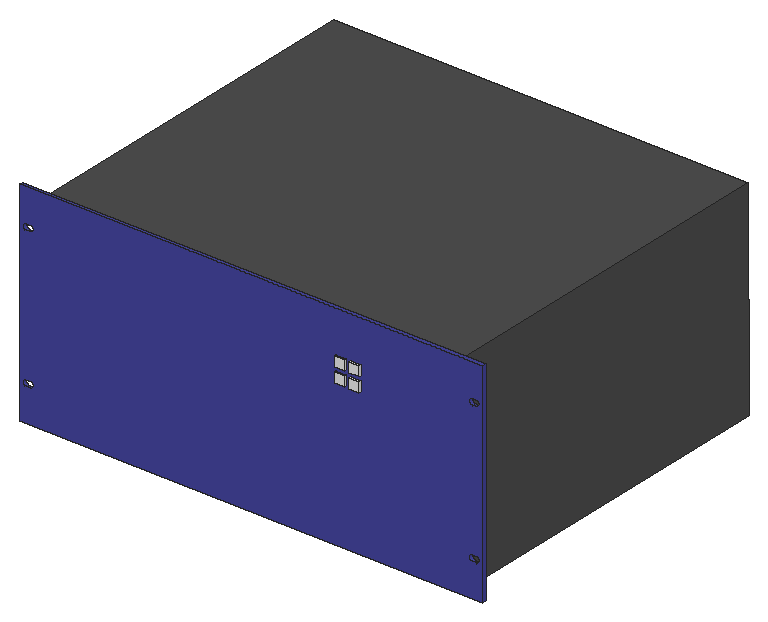
Revit family "DL231", category Communication Devices, Revit 2020
Family settings
  Maintain Annotation Orientation = No
  Round Connector Dimension = Use Diameter
  Part Type = Normal
  Work Plane-Based = Yes
  Always vertical = No
  Cut with Voids When Loaded = Yes
  Shared = No
  Room Calculation Point = No
Parameters
  Model = "DL231"
  Manufacturer = "Midas"
  Default Elevation = 0 mm
Reference planes
  plane 1 "Center (Front/Back)": y = 0
  plane 2: z = 0
  plane 3 "Center (Left/Right)": x = 0
  plane 4 "Front Panel": y = -3
  plane 5 "Rear panel": y = 374
Forms (mm)
  Extrusion 1, solid, material "Steel, Paint Finish, Blue"
    sketch origin (0, 0, 0) x (1, 0, 0) y (0, 0, 1)
      loop
        line (-241.5, 0) -> (241.498, 0) -> (241.498, 221.495) -> (-241.5, 221.495) -> (-241.5, 0)
    from 0 to 3
  Extrusion 2, void
    sketch origin (0, 0, 0) x (1, 0, 0) y (0, 0, 1)
      loop
        arc (-234.343, 187.274) -> (-237.842, 183.775) -> (-234.343, 180.276) r 3.499
        line (-234.343, 180.276) -> (-231.035, 180.276)
        arc (-231.035, 180.276) -> (-227.536, 183.775) -> (-231.035, 187.274) r 3.499
        line (-231.035, 187.274) -> (-234.343, 187.274)
    from 0 to 3
  Extrusion 3, void
    sketch origin (0, 0, -146.047) x (1, 0, 0) y (0, 0, 1)
      loop
        arc (-234.343, 187.274) -> (-237.842, 183.775) -> (-234.343, 180.276) r 3.499
        line (-234.343, 180.276) -> (-231.035, 180.276)
        arc (-231.035, 180.276) -> (-227.536, 183.775) -> (-231.035, 187.274) r 3.499
        line (-231.035, 187.274) -> (-234.343, 187.274)
    from 0 to 3
  Extrusion 4, void
    sketch origin (465.381, 0, -146.047) x (1, 0, 0) y (0, 0, 1)
      loop
        arc (-234.343, 187.274) -> (-237.842, 183.775) -> (-234.343, 180.276) r 3.499
        line (-234.343, 180.276) -> (-231.035, 180.276)
        arc (-231.035, 180.276) -> (-227.536, 183.775) -> (-231.035, 187.274) r 3.499
        line (-231.035, 187.274) -> (-234.343, 187.274)
    from 0 to 3
  Extrusion 5, void
    sketch origin (465.381, 0, 0) x (1, 0, 0) y (0, 0, 1)
      loop
        arc (-234.343, 187.274) -> (-237.842, 183.775) -> (-234.343, 180.276) r 3.499
        line (-234.343, 180.276) -> (-231.035, 180.276)
        arc (-231.035, 180.276) -> (-227.536, 183.775) -> (-231.035, 187.274) r 3.499
        line (-231.035, 187.274) -> (-234.343, 187.274)
    from 0 to 3
  Extrusion 6, solid, material "Steel, Paint Finish, Black"
    sketch origin (1.5, 0, 0) x (1, 0, 0) y (0, 0, 1)
      loop
        line (-218, 0) -> (215, 0) -> (215, 217.995) -> (-218, 217.995) -> (-218, 0)
    from 0 to -374
  Extrusion 7, void
    sketch origin (-2.594, 374, 0) x (1, 0, 0) y (0, 0, 1)
      loop
        circle (108.554, 21.312) r 11.2
    from 0 to 16
  Extrusion 8, void
    sketch origin (-38.38, 374, 0) x (1, 0, 0) y (0, 0, 1)
      loop
        circle (108.554, 21.312) r 11.2
    from 0 to 16
  Extrusion 9, void
    sketch origin (-72.992, 374, 0) x (1, 0, 0) y (0, 0, 1)
      loop
        circle (108.554, 21.312) r 11.2
    from 0 to 16
  Extrusion 10, void
    sketch origin (-128.979, 374, 0) x (1, 0, 0) y (0, 0, 1)
      loop
        circle (108.554, 21.312) r 11.2
    from 0 to 16
  Extrusion 11, void
    sketch origin (-179.979, 374, 0) x (1, 0, 0) y (0, 0, 1)
      loop
        circle (108.554, 21.312) r 11.2
    from 0 to 16
  Extrusion 12, void
    sketch origin (-230.979, 374, 0) x (1, 0, 0) y (0, 0, 1)
      loop
        circle (108.554, 21.312) r 11.2
    from 0 to 16
  Extrusion 13, void
    sketch origin (-2.594, 374, 25.847) x (1, 0, 0) y (0, 0, 1)
      loop
        circle (108.554, 21.312) r 11.2
    from 0 to 16
  Extrusion 14, void
    sketch origin (-38.38, 374, 25.847) x (1, 0, 0) y (0, 0, 1)
      loop
        circle (108.554, 21.312) r 11.2
    from 0 to 16
  Extrusion 15, void
    sketch origin (-72.992, 374, 25.847) x (1, 0, 0) y (0, 0, 1)
      loop
        circle (108.554, 21.312) r 11.2
    from 0 to 16
  Extrusion 16, void
    sketch origin (-128.979, 374, 25.847) x (1, 0, 0) y (0, 0, 1)
      loop
        circle (108.554, 21.312) r 11.2
    from 0 to 16
  Extrusion 17, void
    sketch origin (-179.979, 374, 25.847) x (1, 0, 0) y (0, 0, 1)
      loop
        circle (108.554, 21.312) r 11.2
    from 0 to 16
  Extrusion 18, void
    sketch origin (-230.979, 374, 25.847) x (1, 0, 0) y (0, 0, 1)
      loop
        circle (108.554, 21.312) r 11.2
    from 0 to 16
  Extrusion 19, void
    sketch origin (-2.594, 374, 51.694) x (1, 0, 0) y (0, 0, 1)
      loop
        circle (108.554, 21.312) r 11.2
    from 0 to 16
  Extrusion 20, void
    sketch origin (-38.38, 374, 51.694) x (1, 0, 0) y (0, 0, 1)
      loop
        circle (108.554, 21.312) r 11.2
    from 0 to 16
  Extrusion 21, void
    sketch origin (-72.992, 374, 51.694) x (1, 0, 0) y (0, 0, 1)
      loop
        circle (108.554, 21.312) r 11.2
    from 0 to 16
  Extrusion 22, void
    sketch origin (-128.979, 374, 51.694) x (1, 0, 0) y (0, 0, 1)
      loop
        circle (108.554, 21.312) r 11.2
    from 0 to 16
  Extrusion 23, void
    sketch origin (-179.979, 374, 51.694) x (1, 0, 0) y (0, 0, 1)
      loop
        circle (108.554, 21.312) r 11.2
    from 0 to 16
  Extrusion 24, void
    sketch origin (-230.979, 374, 51.694) x (1, 0, 0) y (0, 0, 1)
      loop
        circle (108.554, 21.312) r 11.2
    from 0 to 16
  Extrusion 25, void
    sketch origin (-2.594, 374, 77.542) x (1, 0, 0) y (0, 0, 1)
      loop
        circle (108.554, 21.312) r 11.2
    from 0 to 16
  Extrusion 26, void
    sketch origin (-38.38, 374, 77.542) x (1, 0, 0) y (0, 0, 1)
      loop
        circle (108.554, 21.312) r 11.2
    from 0 to 16
  Extrusion 27, void
    sketch origin (-72.992, 374, 77.542) x (1, 0, 0) y (0, 0, 1)
      loop
        circle (108.554, 21.312) r 11.2
    from 0 to 16
  Extrusion 28, void
    sketch origin (-128.979, 374, 77.542) x (1, 0, 0) y (0, 0, 1)
      loop
        circle (108.554, 21.312) r 11.2
    from 0 to 16
  Extrusion 29, void
    sketch origin (-179.979, 374, 77.542) x (1, 0, 0) y (0, 0, 1)
      loop
        circle (108.554, 21.312) r 11.2
    from 0 to 16
  Extrusion 30, void
    sketch origin (-230.979, 374, 77.542) x (1, 0, 0) y (0, 0, 1)
      loop
        circle (108.554, 21.312) r 11.2
    from 0 to 16
  Extrusion 31, void
    sketch origin (-2.594, 374, 103.389) x (1, 0, 0) y (0, 0, 1)
      loop
        circle (108.554, 21.312) r 11.2
    from 0 to 16
  Extrusion 32, void
    sketch origin (-38.38, 374, 103.389) x (1, 0, 0) y (0, 0, 1)
      loop
        circle (108.554, 21.312) r 11.2
    from 0 to 16
  Extrusion 33, void
    sketch origin (-72.992, 374, 103.389) x (1, 0, 0) y (0, 0, 1)
      loop
        circle (108.554, 21.312) r 11.2
    from 0 to 16
  Extrusion 34, void
    sketch origin (-128.979, 374, 103.389) x (1, 0, 0) y (0, 0, 1)
      loop
        circle (108.554, 21.312) r 11.2
    from 0 to 16
  Extrusion 35, void
    sketch origin (-179.979, 374, 103.389) x (1, 0, 0) y (0, 0, 1)
      loop
        circle (108.554, 21.312) r 11.2
    from 0 to 16
  Extrusion 36, void
    sketch origin (-230.979, 374, 103.389) x (1, 0, 0) y (0, 0, 1)
      loop
        circle (108.554, 21.312) r 11.2
    from 0 to 16
  Extrusion 37, void
    sketch origin (-2.594, 374, 129.236) x (1, 0, 0) y (0, 0, 1)
      loop
        circle (108.554, 21.312) r 11.2
    from 0 to 16
  Extrusion 38, void
    sketch origin (-38.38, 374, 129.236) x (1, 0, 0) y (0, 0, 1)
      loop
        circle (108.554, 21.312) r 11.2
    from 0 to 16
  Extrusion 39, void
    sketch origin (-72.992, 374, 129.236) x (1, 0, 0) y (0, 0, 1)
      loop
        circle (108.554, 21.312) r 11.2
    from 0 to 16
  Extrusion 40, void
    sketch origin (-128.979, 374, 129.236) x (1, 0, 0) y (0, 0, 1)
      loop
        circle (108.554, 21.312) r 11.2
    from 0 to 16
  Extrusion 41, void
    sketch origin (-179.979, 374, 129.236) x (1, 0, 0) y (0, 0, 1)
      loop
        circle (108.554, 21.312) r 11.2
    from 0 to 16
  Extrusion 42, void
    sketch origin (-230.979, 374, 129.236) x (1, 0, 0) y (0, 0, 1)
      loop
        circle (108.554, 21.312) r 11.2
    from 0 to 16
  Extrusion 43, void
    sketch origin (-2.594, 374, 155.083) x (1, 0, 0) y (0, 0, 1)
      loop
        circle (108.554, 21.312) r 11.2
    from 0 to 16
  Extrusion 44, void
    sketch origin (-38.38, 374, 155.083) x (1, 0, 0) y (0, 0, 1)
      loop
        circle (108.554, 21.312) r 11.2
    from 0 to 16
  Extrusion 45, void
    sketch origin (-72.992, 374, 155.083) x (1, 0, 0) y (0, 0, 1)
      loop
        circle (108.554, 21.312) r 11.2
    from 0 to 16
  Extrusion 46, void
    sketch origin (-128.979, 374, 155.083) x (1, 0, 0) y (0, 0, 1)
      loop
        circle (108.554, 21.312) r 11.2
    from 0 to 16
  Extrusion 47, void
    sketch origin (-179.979, 374, 155.083) x (1, 0, 0) y (0, 0, 1)
      loop
        circle (108.554, 21.312) r 11.2
    from 0 to 16
  Extrusion 48, void
    sketch origin (-230.979, 374, 155.083) x (1, 0, 0) y (0, 0, 1)
      loop
        circle (108.554, 21.312) r 11.2
    from 0 to 16
  Extrusion 49, void
    sketch origin (-2.594, 374, 180.93) x (1, 0, 0) y (0, 0, 1)
      loop
        circle (108.554, 21.312) r 11.2
    from 0 to 16
  Extrusion 50, void
    sketch origin (-38.38, 374, 180.93) x (1, 0, 0) y (0, 0, 1)
      loop
        circle (108.554, 21.312) r 11.2
    from 0 to 16
  Extrusion 51, void
    sketch origin (-72.992, 374, 180.93) x (1, 0, 0) y (0, 0, 1)
      loop
        circle (108.554, 21.312) r 11.2
    from 0 to 16
  Extrusion 52, void
    sketch origin (-128.979, 374, 180.93) x (1, 0, 0) y (0, 0, 1)
      loop
        circle (108.554, 21.312) r 11.2
    from 0 to 16
  Extrusion 53, void
    sketch origin (-179.979, 374, 180.93) x (1, 0, 0) y (0, 0, 1)
      loop
        circle (108.554, 21.312) r 11.2
    from 0 to 16
  Extrusion 54, void
    sketch origin (-230.979, 374, 180.93) x (1, 0, 0) y (0, 0, 1)
      loop
        circle (108.554, 21.312) r 11.2
    from 0 to 16
  Extrusion 55, void
    sketch origin (-302.712, 374, 0) x (1, 0, 0) y (0, 0, 1)
      loop
        circle (108.554, 21.312) r 11.2
    from 0 to 16
  Extrusion 56, void
    sketch origin (-302.712, 374, 25.847) x (1, 0, 0) y (0, 0, 1)
      loop
        circle (108.554, 21.312) r 11.2
    from 0 to 16
  Extrusion 57, void
    sketch origin (-302.712, 374, 51.694) x (1, 0, 0) y (0, 0, 1)
      loop
        circle (108.554, 21.312) r 11.2
    from 0 to 16
  Extrusion 58, void
    sketch origin (-302.712, 374, 77.542) x (1, 0, 0) y (0, 0, 1)
      loop
        circle (108.554, 21.312) r 11.2
    from 0 to 16
  Extrusion 59, void
    sketch origin (0, 374, 0) x (1, 0, 0) y (0, 0, 1)
      loop
        line (184.372, 69.762) -> (184.372, 43.75) -> (202.439, 43.75) -> (202.439, 69.762) -> (184.372, 69.762)
    from 0 to 16
  Extrusion 60, void
    sketch origin (-34.781, 374, 0) x (1, 0, 0) y (0, 0, 1)
      loop
        line (184.372, 69.762) -> (184.372, 43.75) -> (202.439, 43.75) -> (202.439, 69.762) -> (184.372, 69.762)
    from 0 to 16
  Extrusion 61, solid, material "LED, Red, Off"
    sketch origin (0, 374, 0) x (1, 0, 0) y (0, 0, 1)
      loop
        line (200.821, 130.773) -> (182.158, 130.773) -> (182.158, 105.529) -> (200.821, 105.529) -> (200.821, 130.773)
    from 0 to -1
  Blend 62, solid, material "LED, Red, Off"
    base sketch origin (0, 374, 0) x (1, 0, 0) y (0, 0, 1)
      loop
        line (200.821, 130.773) -> (182.158, 130.773) -> (182.158, 118.152) -> (200.821, 118.152) -> (200.821, 130.773)
    top sketch origin (0, 374, 0) x (1, 0, 0) y (0, 0, 1)
      loop
        line (200.821, 129.054) -> (182.158, 129.054) -> (182.158, 128.203) -> (200.821, 128.203) -> (200.821, 129.054)
    from -1 to -6
  Extrusion 63, solid, material "LED, Red, Off"
    sketch origin (-34.341, 374, 0) x (1, 0, 0) y (0, 0, 1)
      loop
        line (200.821, 130.773) -> (182.158, 130.773) -> (182.158, 105.529) -> (200.821, 105.529) -> (200.821, 130.773)
    from 0 to -1
  Blend 64, solid, material "LED, Red, Off"
    base sketch origin (-34.341, 374, 0) x (1, 0, 0) y (0, 0, 1)
      loop
        line (200.821, 130.773) -> (182.158, 130.773) -> (182.158, 118.152) -> (200.821, 118.152) -> (200.821, 130.773)
    top sketch origin (-34.341, 374, 0) x (1, 0, 0) y (0, 0, 1)
      loop
        line (200.821, 129.054) -> (182.158, 129.054) -> (182.158, 128.203) -> (200.821, 128.203) -> (200.821, 129.054)
    from -1 to -6
  Extrusion 65, solid, material "ABS - White"
    sketch origin (0, -3, 0) x (-1, 0, 0) y (0, 0, 1)
      loop
        line (-88.173, 177.549) -> (-98.381, 177.549) -> (-98.381, 167.334) -> (-88.173, 167.334) -> (-88.173, 177.549)
    from 0 to -2
  Extrusion 66, solid, material "ABS - White"
    sketch origin (0, -3, -15) x (-1, 0, 0) y (0, 0, 1)
      loop
        line (-88.173, 177.549) -> (-98.381, 177.549) -> (-98.381, 167.334) -> (-88.173, 167.334) -> (-88.173, 177.549)
    from 0 to -2
  Extrusion 67, solid, material "ABS - White"
    sketch origin (15, -3, -15) x (-1, 0, 0) y (0, 0, 1)
      loop
        line (-88.173, 177.549) -> (-98.381, 177.549) -> (-98.381, 167.334) -> (-88.173, 167.334) -> (-88.173, 177.549)
    from 0 to -2
  Extrusion 68, solid, material "ABS - White"
    sketch origin (15, -3, 0) x (-1, 0, 0) y (0, 0, 1)
      loop
        line (-88.173, 177.549) -> (-98.381, 177.549) -> (-98.381, 167.334) -> (-88.173, 167.334) -> (-88.173, 177.549)
    from 0 to -2
  Extrusion 69, void
    sketch origin (-302.712, 374, 103.389) x (1, 0, 0) y (0, 0, 1)
      loop
        circle (108.554, 21.312) r 11.2
    from 0 to 16
Cuts and joins
  Extrusion 2, Extrusion 3, Extrusion 4, Extrusion 5 cuts Extrusion 1
  Extrusion 7, Extrusion 8, Extrusion 9, Extrusion 10, Extrusion 11, Extrusion 12, Extrusion 13, Extrusion 14, Extrusion 15, Extrusion 16, Extrusion 17, Extrusion 18, Extrusion 19, Extrusion 20, Extrusion 21, Extrusion 22, Extrusion 23, Extrusion 24, Extrusion 25, Extrusion 26, Extrusion 27, Extrusion 28, Extrusion 29, Extrusion 30, Extrusion 31, Extrusion 32, Extrusion 33, Extrusion 34, Extrusion 35, Extrusion 36, Extrusion 37, Extrusion 38, Extrusion 39, Extrusion 40, Extrusion 41, Extrusion 42, Extrusion 43, Extrusion 44, Extrusion 45, Extrusion 46, Extrusion 47, Extrusion 48, Extrusion 49, Extrusion 50, Extrusion 51, Extrusion 52, Extrusion 53, Extrusion 54, Extrusion 55, Extrusion 56, Extrusion 57, Extrusion 58, Extrusion 59, Extrusion 60, Extrusion 69 cuts Extrusion 6
  joined: Extrusion 61, Blend 62
  joined: Extrusion 63, Blend 64
Lines and regions (mm)
  Split face 1
    outline origin (241.498, -3, 0) x (0, 0, 1) y (-1, 0, 0)
      loop
        line (83.416, 440.099) -> (14.397, 440.099) -> (14.397, 361.149) -> (83.416, 361.149) -> (83.416, 440.099)
  Split face 2
    outline origin (241.498, -3, 0) x (0, 0, 1) y (-1, 0, 0)
      loop
        line (83.416, 349.744) -> (14.397, 349.744) -> (14.397, 247.486) -> (83.416, 247.486) -> (83.416, 349.744)
  Split face 3
    outline origin (241.498, -3, 0) x (0, 0, 1) y (-1, 0, 0)
      loop
        line (83.416, 235.554) -> (14.397, 235.554) -> (14.397, 133.321) -> (83.416, 133.321) -> (83.416, 235.554)
  Split face 4
    outline origin (241.498, -3, 0) x (0, 0, 1) y (-1, 0, 0)
      loop
        line (83.416, 121.706) -> (14.397, 121.706) -> (14.397, 43.009) -> (83.416, 43.009) -> (83.416, 121.706)
  Split face 5
    outline origin (244.95, -3, -5.09) x (0, 0, 1) y (-1, 0, 0)
      loop
        circle (168.745, 351.089) r 1.498
  Split face 6
    outline origin (244.95, -3, -5.09) x (0, 0, 1) y (-1, 0, 0)
      loop
        circle (163.245, 351.088) r 1.498
  Split face 7
    outline origin (244.95, -3, -5.09) x (0, 0, 1) y (-1, 0, 0)
      loop
        circle (168.745, 342.079) r 1.498
  Split face 8
    outline origin (244.95, -3, -5.09) x (0, 0, 1) y (-1, 0, 0)
      loop
        circle (163.245, 342.082) r 1.502
  Split face 9
    outline origin (244.95, -3, -5.09) x (0, 0, 1) y (-1, 0, 0)
      loop
        circle (168.745, 333.072) r 1.498
  Split face 10
    outline origin (244.95, -3, -5.09) x (0, 0, 1) y (-1, 0, 0)
      loop
        circle (163.245, 333.075) r 1.502
  Split face 11
    outline origin (244.95, -3, -5.09) x (0, 0, 1) y (-1, 0, 0)
      loop
        circle (168.745, 324.066) r 1.498
  Split face 12
    outline origin (244.95, -3, -5.09) x (0, 0, 1) y (-1, 0, 0)
      loop
        circle (163.246, 324.064) r 1.501
  Split face 13
    outline origin (244.95, -3, -5.09) x (0, 0, 1) y (-1, 0, 0)
      loop
        circle (168.744, 315.059) r 1.5
  Split face 14
    outline origin (244.95, -3, -5.09) x (0, 0, 1) y (-1, 0, 0)
      loop
        circle (163.246, 315.056) r 1.5
  Split face 15
    outline origin (241.461, -3, -5.09) x (0, 0, 1) y (-1, 0, 0)
      loop
        circle (168.744, 290.051) r 1.473
  Split face 16
    outline origin (244.322, -3, -5.09) x (0, 0, 1) y (-1, 0, 0)
      loop
        circle (168.744, 254.008) r 1.5
  Split face 17
    outline origin (244.322, -3, -5.09) x (0, 0, 1) y (-1, 0, 0)
      loop
        circle (163.244, 254.011) r 1.503
  Split face 18
    outline origin (241.498, -3, 0) x (0, 0, 1) y (-1, 0, 0)
      loop
        arc (172.695, 233.001) -> (172.256, 234.062) -> (171.195, 234.501) r 1.5
        line (171.195, 234.501) -> (158.672, 234.501)
        arc (158.672, 234.501) -> (157.611, 234.062) -> (157.172, 233.001) r 1.5
        line (157.172, 233.001) -> (157.172, 170.439)
        arc (157.172, 170.439) -> (157.611, 169.378) -> (158.672, 168.939) r 1.5
        line (158.672, 168.939) -> (171.195, 168.939)
        arc (171.195, 168.939) -> (172.256, 169.378) -> (172.695, 170.439) r 1.5
        line (172.695, 170.439) -> (172.695, 233.001)
  Split face 19
    outline origin (112.35, -3, -5.091) x (0, 0, 1) y (-1, 0, 0)
      loop
        circle (168.745, 137.291) r 1.471
  Split face 20
    outline origin (112.35, -3, -5.091) x (0, 0, 1) y (-1, 0, 0)
      loop
        circle (163.245, 137.294) r 1.502
  Split face 21
    outline origin (112.35, -3, -5.091) x (0, 0, 1) y (-1, 0, 0)
      loop
        circle (168.745, 132.207) r 1.469
  Split face 22
    outline origin (112.35, -3, -5.091) x (0, 0, 1) y (-1, 0, 0)
      loop
        circle (163.245, 132.211) r 1.502
  Split face 23
    outline origin (112.35, -3, -5.091) x (0, 0, 1) y (-1, 0, 0)
      loop
        circle (168.745, 127.126) r 1.471
  Split face 24
    outline origin (112.35, -3, -5.091) x (0, 0, 1) y (-1, 0, 0)
      loop
        circle (163.245, 127.126) r 1.502
  Split face 25
    outline origin (216.5, 374, 351.491) x (0, 0, -1) y (-1, 0, 0)
      loop
        line (217.177, 12.401) -> (249.475, 12.401) -> (249.475, 37.62) -> (217.177, 37.62) -> (217.177, 12.401)
  Split face 26
    outline origin (216.5, 374, 351.491) x (0, 0, -1) y (-1, 0, 0)
      loop
        line (217.177, 46.715) -> (249.475, 46.715) -> (249.475, 71.96) -> (217.177, 71.96) -> (217.177, 46.715)
  Split face 27
    outline origin (216.5, 374, 381.491) x (0, 0, -1) y (-1, 0, 0)
      loop
        circle (227.801, 412.667) r 6.675
  Split face 28
    outline origin (216.5, 374, 381.491) x (0, 0, -1) y (-1, 0, 0)
      loop
        arc (229.382, 406.943) -> (227.795, 418.604) -> (226.232, 406.94) r 5.938
        line (226.232, 406.94) -> (226.232, 408.333) -> (229.382, 408.333) -> (229.382, 406.943)
  Split face 29
    outline origin (216.5, 374, 381.491) x (0, 0, -1) y (-1, 0, 0)
      loop
        arc (209.286, 406.943) -> (207.7, 418.604) -> (206.137, 406.94) r 5.938
        line (206.137, 406.94) -> (206.137, 408.333) -> (209.286, 408.333) -> (209.286, 406.943)
  Split face 30
    outline origin (216.5, 374, 381.491) x (0, 0, -1) y (-1, 0, 0)
      loop
        arc (188.923, 406.943) -> (187.337, 418.604) -> (185.774, 406.94) r 5.938
        line (185.774, 406.94) -> (185.774, 408.333) -> (188.923, 408.333) -> (188.923, 406.943)
  Split face 31
    outline origin (216.5, 374, 381.491) x (0, 0, -1) y (-1, 0, 0)
      loop
        circle (207.706, 412.667) r 6.676
  Split face 32
    outline origin (216.5, 374, 381.491) x (0, 0, -1) y (-1, 0, 0)
      loop
        circle (187.343, 412.667) r 6.788
  Split face 33
    outline origin (244.458, 374, 339.624) x (0, 0, -1) y (-1, 0, 0)
      loop
        line (143.609, 414.121) -> (153.725, 414.121) -> (153.725, 423.993) -> (143.609, 423.993) -> (143.609, 414.121)
  Split face 34
    outline origin (-22.423, 374, -235.573) x (-1, 0, 0) y (0, 0, 1)
      loop
        arc (142.584, 384.106) -> (143.237, 382.53) -> (144.813, 381.876) r 2.23
        line (144.813, 381.876) -> (152.321, 383.332)
        arc (152.321, 383.332) -> (153.777, 384.106) -> (154.55, 385.562) r 2.816
        line (154.55, 385.562) -> (154.55, 399.119)
        arc (154.55, 399.119) -> (153.777, 400.576) -> (152.321, 401.35) r 2.816
        line (152.321, 401.35) -> (144.813, 402.806)
        arc (144.813, 402.806) -> (143.237, 402.152) -> (142.584, 400.576) r 2.23
        line (142.584, 400.576) -> (142.584, 384.106)
  Split face 35
    outline origin (-22.423, 374, -235.573) x (-1, 0, 0) y (0, 0, 1)
      loop
        arc (144.709, 385.973) -> (145.116, 384.85) -> (146.148, 384.248) r 1.754
        line (146.148, 384.248) -> (150.987, 385.375)
        arc (150.987, 385.375) -> (151.995, 385.997) -> (152.425, 387.101) r 1.863
        line (152.425, 387.101) -> (152.425, 397.581)
        arc (152.425, 397.581) -> (151.995, 398.685) -> (150.987, 399.307) r 1.863
        line (150.987, 399.307) -> (146.148, 400.434)
        arc (146.148, 400.434) -> (145.116, 399.832) -> (144.709, 398.709) r 1.754
        line (144.709, 398.709) -> (144.709, 385.973)
  Split face 36
    outline origin (244.675, 374, 351.491) x (0, 0, -1) y (-1, 0, 0)
      loop
        circle (170.603, 422.805) r 1.721
Dimensions and locks
  equal spacing: group 1, group 2, group 3, group 4  (x3)
  equal spacing: group 5, group 6, group 7, group 8, group 9, group 10, group 11, group 12  (x3)
  aligned and locked: level to plane 2
Nested families
  nested 1: "NE8FD Ethercon" at (-194.158, 374, 21.312) x (0, 0, 1) z (0, 1, 0), type "NE8FD Ethercon"
  nested 2: "NE8FD Ethercon" at (-194.158, 374, 47.159) x (0, 0, 1) z (0, 1, 0), type "NE8FD Ethercon"
  nested 3: "NE8FD Ethercon" at (-194.158, 374, 73.007) x (0, 0, 1) z (0, 1, 0), type "NE8FD Ethercon"
  nested 4: "NE8FD Ethercon" at (-194.158, 374, 98.854) x (0, 0, 1) z (0, 1, 0), type "NE8FD Ethercon"
  nested 5: "IEC" at (193.692, 374, 56.312) x (0, 0, -1) z (0, 1, 0), type "IEC"
  nested 6: "IEC" at (158.911, 374, 56.312) x (0, 0, -1) z (0, 1, 0), type "IEC"
  nested 7: "XLR-M with LED" at (105.961, 374, 21.312) x (0, 0, 1) z (0, 1, 0), type "XLR-M with LED"
  nested 8: "XLR-M with LED" at (70.174, 374, 21.312) x (0, 0, 1) z (0, 1, 0), type "XLR-M with LED"
  nested 9: "XLR-M with LED" at (35.562, 374, 21.312) x (0, 0, 1) z (0, 1, 0), type "XLR-M with LED"
  nested 10: "XLR-F with LED" at (-20.425, 374, 21.312) x (0, 0, 1) z (0, 1, 0), type "XLR-F with LED"
  nested 11: "XLR-F with LED" at (-71.425, 374, 21.312) x (0, 0, 1) z (0, 1, 0), type "XLR-F with LED"
  nested 12: "XLR-F with LED" at (-122.425, 374, 21.312) x (0, 0, 1) z (0, 1, 0), type "XLR-F with LED"
  nested 13: "XLR-M with LED" at (105.961, 374, 47.159) x (0, 0, 1) z (0, 1, 0), type "XLR-M with LED"
  nested 14: "XLR-M with LED" at (70.174, 374, 47.159) x (0, 0, 1) z (0, 1, 0), type "XLR-M with LED"
  nested 15: "XLR-M with LED" at (35.562, 374, 47.159) x (0, 0, 1) z (0, 1, 0), type "XLR-M with LED"
  nested 16: "XLR-F with LED" at (-20.425, 374, 47.159) x (0, 0, 1) z (0, 1, 0), type "XLR-F with LED"
  nested 17: "XLR-F with LED" at (-71.425, 374, 47.159) x (0, 0, 1) z (0, 1, 0), type "XLR-F with LED"
  nested 18: "XLR-F with LED" at (-122.425, 374, 47.159) x (0, 0, 1) z (0, 1, 0), type "XLR-F with LED"
  nested 19: "XLR-M with LED" at (105.961, 374, 73.007) x (0, 0, 1) z (0, 1, 0), type "XLR-M with LED"
  nested 20: "XLR-M with LED" at (70.174, 374, 73.007) x (0, 0, 1) z (0, 1, 0), type "XLR-M with LED"
  nested 21: "XLR-M with LED" at (35.562, 374, 73.007) x (0, 0, 1) z (0, 1, 0), type "XLR-M with LED"
  nested 22: "XLR-F with LED" at (-20.425, 374, 73.007) x (0, 0, 1) z (0, 1, 0), type "XLR-F with LED"
  nested 23: "XLR-F with LED" at (-71.425, 374, 73.007) x (0, 0, 1) z (0, 1, 0), type "XLR-F with LED"
  nested 24: "XLR-F with LED" at (-122.425, 374, 73.007) x (0, 0, 1) z (0, 1, 0), type "XLR-F with LED"
  nested 25: "XLR-M with LED" at (105.961, 374, 98.854) x (0, 0, 1) z (0, 1, 0), type "XLR-M with LED"
  nested 26: "XLR-M with LED" at (70.174, 374, 98.854) x (0, 0, 1) z (0, 1, 0), type "XLR-M with LED"
  nested 27: "XLR-M with LED" at (35.562, 374, 98.854) x (0, 0, 1) z (0, 1, 0), type "XLR-M with LED"
  nested 28: "XLR-F with LED" at (-20.425, 374, 98.854) x (0, 0, 1) z (0, 1, 0), type "XLR-F with LED"
  nested 29: "XLR-F with LED" at (-71.425, 374, 98.854) x (0, 0, 1) z (0, 1, 0), type "XLR-F with LED"
  nested 30: "XLR-F with LED" at (-122.425, 374, 98.854) x (0, 0, 1) z (0, 1, 0), type "XLR-F with LED"
  nested 31: "XLR-M with LED" at (105.961, 374, 124.701) x (0, 0, 1) z (0, 1, 0), type "XLR-M with LED"
  nested 32: "XLR-M with LED" at (70.174, 374, 124.701) x (0, 0, 1) z (0, 1, 0), type "XLR-M with LED"
  nested 33: "XLR-M with LED" at (35.562, 374, 124.701) x (0, 0, 1) z (0, 1, 0), type "XLR-M with LED"
  nested 34: "XLR-F with LED" at (-20.425, 374, 124.701) x (0, 0, 1) z (0, 1, 0), type "XLR-F with LED"
  nested 35: "XLR-F with LED" at (-71.425, 374, 124.701) x (0, 0, 1) z (0, 1, 0), type "XLR-F with LED"
  nested 36: "XLR-F with LED" at (-122.425, 374, 124.701) x (0, 0, 1) z (0, 1, 0), type "XLR-F with LED"
  nested 37: "XLR-M with LED" at (105.961, 374, 150.548) x (0, 0, 1) z (0, 1, 0), type "XLR-M with LED"
  nested 38: "XLR-M with LED" at (70.174, 374, 150.548) x (0, 0, 1) z (0, 1, 0), type "XLR-M with LED"
  nested 39: "XLR-M with LED" at (35.562, 374, 150.548) x (0, 0, 1) z (0, 1, 0), type "XLR-M with LED"
  nested 40: "XLR-F with LED" at (-20.425, 374, 150.548) x (0, 0, 1) z (0, 1, 0), type "XLR-F with LED"
  nested 41: "XLR-F with LED" at (-71.425, 374, 150.548) x (0, 0, 1) z (0, 1, 0), type "XLR-F with LED"
  nested 42: "XLR-F with LED" at (-122.425, 374, 150.548) x (0, 0, 1) z (0, 1, 0), type "XLR-F with LED"
  nested 43: "XLR-M with LED" at (105.961, 374, 176.395) x (0, 0, 1) z (0, 1, 0), type "XLR-M with LED"
  nested 44: "XLR-M with LED" at (70.174, 374, 176.395) x (0, 0, 1) z (0, 1, 0), type "XLR-M with LED"
  nested 45: "XLR-M with LED" at (35.562, 374, 176.395) x (0, 0, 1) z (0, 1, 0), type "XLR-M with LED"
  nested 46: "XLR-F with LED" at (-20.425, 374, 176.395) x (0, 0, 1) z (0, 1, 0), type "XLR-F with LED"
  nested 47: "XLR-F with LED" at (-71.425, 374, 176.395) x (0, 0, 1) z (0, 1, 0), type "XLR-F with LED"
  nested 48: "XLR-F with LED" at (-122.425, 374, 176.395) x (0, 0, 1) z (0, 1, 0), type "XLR-F with LED"
  nested 49: "XLR-M with LED" at (105.961, 374, 202.243) x (0, 0, 1) z (0, 1, 0), type "XLR-M with LED"
  nested 50: "XLR-M with LED" at (70.174, 374, 202.243) x (0, 0, 1) z (0, 1, 0), type "XLR-M with LED"
  nested 51: "XLR-M with LED" at (35.562, 374, 202.243) x (0, 0, 1) z (0, 1, 0), type "XLR-M with LED"
  nested 52: "XLR-F with LED" at (-20.425, 374, 202.243) x (0, 0, 1) z (0, 1, 0), type "XLR-F with LED"
  nested 53: "XLR-F with LED" at (-71.425, 374, 202.243) x (0, 0, 1) z (0, 1, 0), type "XLR-F with LED"
  nested 54: "XLR-F with LED" at (-122.425, 374, 202.243) x (0, 0, 1) z (0, 1, 0), type "XLR-F with LED"
  nested 55: "NE8FD Ethercon" at (-194.137, 374, 124.701) x (0, 0, 1) z (0, 1, 0), type "NE8FD Ethercon"
Definition of nested family "NE8FD Ethercon"
  Parameters
    Default Elevation = 1219.2 mm
  Reference planes
    plane 1 "Center (Front/Back)": y = 0
    plane 2: z = 0
    plane 3 "Center (Left/Right)": x = 0
  Forms (mm)
    Extrusion 1, solid
      sketch origin (-12.612, 0, 0) x (1, 0, 0) y (0, 1, 0)
        loop
          circle (12.613, 0.021) r 11.058
      from -16 to 1.5
    Extrusion 2, void
      sketch origin (-12.612, 0, 0) x (1, 0, 0) y (0, 1, 0)
        loop
          circle (12.612, 0.021) r 9.9
      from -12 to 1.5
    Extrusion 3, solid
      sketch origin (-12.612, 0, 0) x (1, 0, 0) y (0, 1, 0)
        loop
          line (9.613, 9.921) -> (15.612, 9.921)
          arc (15.612, 9.921) -> (17.027, 10.507) -> (17.612, 11.921) r 2
          line (17.612, 11.921) -> (17.612, 13.337)
          arc (17.612, 13.337) -> (17.271, 14.455) -> (16.362, 15.191) r 2
          arc (16.362, 15.191) -> (12.612, 15.921) -> (8.862, 15.191) r 10
          arc (8.862, 15.191) -> (7.954, 14.455) -> (7.612, 13.337) r 2
          line (7.612, 13.337) -> (7.612, 11.921)
          arc (7.612, 11.921) -> (8.198, 10.507) -> (9.613, 9.921) r 2
      from 3.3 to 4.2
    Extrusion 4, solid
      sketch origin (-12.612, 0, 0) x (1, 0, 0) y (0, 1, 0)
        loop
          line (11.106, 9.921) -> (14.119, 9.921) -> (14.119, 10.975)
          arc (14.119, 10.975) -> (12.613, 11.079) -> (11.106, 10.975) r 11.058
          line (11.106, 10.975) -> (11.106, 9.921)
      from 3.3 to 1.5
    Extrusion 5, void
      sketch origin (-12.612, 0, 0) x (1, 0, 0) y (0, 1, 0)
        loop
          line (6.713, 3.65) -> (6.713, -3.15) -> (9.313, -3.15) -> (9.313, -5.15) -> (10.763, -5.15) -> (10.763, -6.45) -> (14.463, -6.45) -> (14.463, -5.15) -> (15.913, -5.15) -> (15.913, -3.15) -> (18.513, -3.15) -> (18.513, 3.65) -> (6.713, 3.65)
      from -10 to 1.5
    Extrusion 6, solid
      sketch origin (-12.612, 0, 0) x (1, 0, 0) y (0, 1, 0)
        loop
          circle (12.612, 0) r 8
      from -12 to 1.5
    Extrusion 7, void
      sketch origin (-12.612, 0, 0) x (1, 0, 0) y (0, 1, 0)
        loop
          circle (12.613, 0) r 11.1
      from 0 to -16
  Cuts and joins
    Extrusion 2, Extrusion 5 cuts Extrusion 1
    Extrusion 2 cuts Extrusion 4
    Extrusion 5 cuts Extrusion 6
  Dimensions and locks
    aligned and locked: level to plane 2
Definition of nested family "IEC"
  Parameters (values of type "IEC")
    Default Elevation = 1219.2 mm
  Reference planes
    plane 1 "Center (Front/Back)": y = 0
    plane 2: z = 0
    plane 3 "Center (Left/Right)": x = 0
  Forms (mm)
    Extrusion 1, void
      sketch origin (0, 0, 0) x (1, 0, 0) y (0, 1, 0)
        loop
          arc (12, 6.432) -> (11.268, 8.2) -> (9.5, 8.932) r 2.5
          line (9.5, 8.932) -> (-9.5, 8.932)
          arc (-9.5, 8.932) -> (-11.268, 8.2) -> (-12, 6.432) r 2.5
          line (-12, 6.432) -> (-12, -3) -> (-7, -8) -> (7, -8) -> (12, -3) -> (12, 6.432)
      from 2 to -15
    Extrusion 2, solid
      sketch origin (0, 0.834, 0) x (1, 0, 0) y (0, 1, 0)
        loop
          arc (-12.127, 11.082) -> (-14.248, 10.203) -> (-15.127, 8.082) r 3
          line (-15.127, 8.082) -> (-15.127, -8.8)
          arc (-15.127, -8.8) -> (-14.248, -10.921) -> (-12.127, -11.8) r 3
          line (-12.127, -11.8) -> (12.188, -11.8)
          arc (12.188, -11.8) -> (14.309, -10.921) -> (15.188, -8.8) r 3
          line (15.188, -8.8) -> (15.188, 8.082)
          arc (15.188, 8.082) -> (14.309, 10.203) -> (12.188, 11.082) r 3
          line (12.188, 11.082) -> (-12.127, 11.082)
      from 2 to 0
    Extrusion 3, solid
      sketch origin (0, 0, 0) x (1, 0, 0) y (0, 1, 0)
        loop
          line (-8, 3.6) -> (-8, -0.4) -> (-6, -0.4) -> (-6, 3.6) -> (-8, 3.6)
      from 1 to -15
    Extrusion 4, solid
      sketch origin (7, -4, 0) x (1, 0, 0) y (0, 1, 0)
        loop
          line (-8, 3.6) -> (-8, -0.4) -> (-6, -0.4) -> (-6, 3.6) -> (-8, 3.6)
      from 1 to -15
    Extrusion 5, solid
      sketch origin (14, 0, 0) x (1, 0, 0) y (0, 1, 0)
        loop
          line (-8, 3.6) -> (-8, -0.4) -> (-6, -0.4) -> (-6, 3.6) -> (-8, 3.6)
      from 1 to -15
    Extrusion 6, void
      sketch origin (0, 0, 0) x (1, 0, 0) y (0, 1, 0)
        loop
          arc (-11.5, 10.742) -> (-13.268, 10.01) -> (-14, 8.242) r 2.5
          line (-14, 8.242) -> (-14, -7.466)
          arc (-14, -7.466) -> (-13.268, -9.234) -> (-11.5, -9.966) r 2.5
          line (-11.5, -9.966) -> (11.5, -9.966)
          arc (11.5, -9.966) -> (13.268, -9.234) -> (14, -7.466) r 2.5
          line (14, -7.466) -> (14, 8.242)
          arc (14, 8.242) -> (13.268, 10.01) -> (11.5, 10.742) r 2.5
          line (11.5, 10.742) -> (-11.5, 10.742)
      from 0 to -20
    Extrusion 7, solid
      sketch origin (0, 0.834, 0) x (1, 0, 0) y (0, 1, 0)
        loop
          arc (-11.5, 9.908) -> (-13.268, 9.176) -> (-14, 7.408) r 2.5
          line (-14, 7.408) -> (-14, -8.3)
          arc (-14, -8.3) -> (-13.268, -10.068) -> (-11.5, -10.8) r 2.5
          line (-11.5, -10.8) -> (11.5, -10.8)
          arc (11.5, -10.8) -> (13.268, -10.068) -> (14, -8.3) r 2.5
          line (14, -8.3) -> (14, 7.408)
          arc (14, 7.408) -> (13.268, 9.176) -> (11.5, 9.908) r 2.5
          line (11.5, 9.908) -> (-11.5, 9.908)
      from 0 to -20
  Cuts and joins
    Extrusion 1, Extrusion 6 cuts Extrusion 2
    Extrusion 1 cuts Extrusion 7
  Dimensions and locks
    aligned and locked: level to plane 2
Definition of nested family "XLR-M with LED"
  Parameters
    Default Elevation = 1219.2 mm
  Reference planes
    plane 1 "Center (Front/Back)": y = 0
    plane 2: z = 0
    plane 3 "Center (Left/Right)": x = 0
  Forms (mm)
    Extrusion 1, solid
      sketch origin (-12.612, 0, 0) x (1, 0, 0) y (0, 1, 0)
        loop
          circle (12.613, 0.021) r 11.058
      from -16 to 1.5
    Extrusion 2, void
      sketch origin (-12.612, 0, 0) x (1, 0, 0) y (0, 1, 0)
        loop
          circle (12.612, 0.021) r 9.9
      from -10 to 1.5
    Extrusion 3, solid
      sketch origin (0, 0, 0) x (1, 0, 0) y (0, 1, 0)
        loop
          circle (-4.05, 0.021) r 1.1
      from -10 to 1
    Extrusion 4, solid
      sketch origin (8.1, 0, 0) x (1, 0, 0) y (0, 1, 0)
        loop
          circle (-4.05, 0.021) r 1.1
      from -10 to 1
    Extrusion 5, solid
      sketch origin (4.05, -3.96, 0) x (1, 0, 0) y (0, 1, 0)
        loop
          circle (-4.05, 0.021) r 1.1
      from -10 to 1
    Extrusion 6, void
      sketch origin (-32.913, 0, 0) x (1, 0, 0) y (0, 1, 0)
        loop
          circle (32.913, 0) r 11.2
      from 0 to -16
    Extrusion 7, solid
      sketch origin (0, 0, 0) x (1, 0, 0) y (0, 1, 0)
        loop
          circle (-11.112, -10.139) r 1.5
      from 0 to 1
  Cuts and joins
    Extrusion 2 cuts Extrusion 1
  Lines and regions (mm)
    Split face 1
      outline origin (9.9, 0.021, -10) x (-1, 0, 0) y (0, -1, 0)
        loop
          circle (9.9, 0.021) r 8
  Dimensions and locks
    aligned and locked: level to plane 2
Definition of nested family "XLR-F with LED"
  Parameters
    Default Elevation = 1219.2 mm
  Reference planes
    plane 1 "Center (Front/Back)": y = 0
    plane 2: z = 0
    plane 3 "Center (Left/Right)": x = 0
  Forms (mm)
    Extrusion 1, solid
      sketch origin (-12.612, 0, 0) x (1, 0, 0) y (0, 1, 0)
        loop
          circle (12.613, 0.021) r 11.058
      from -16 to 1.5
    Extrusion 2, void
      sketch origin (-12.612, 0, 0) x (1, 0, 0) y (0, 1, 0)
        loop
          circle (12.612, 0.021) r 9.9
      from -12 to 1.5
    Extrusion 3, solid
      sketch origin (-12.612, 0, 0) x (1, 0, 0) y (0, 1, 0)
        loop
          line (9.613, 9.921) -> (15.612, 9.921)
          arc (15.612, 9.921) -> (17.027, 10.507) -> (17.612, 11.921) r 2
          line (17.612, 11.921) -> (17.612, 13.337)
          arc (17.612, 13.337) -> (17.271, 14.455) -> (16.362, 15.191) r 2
          arc (16.362, 15.191) -> (12.612, 15.921) -> (8.862, 15.191) r 10
          arc (8.862, 15.191) -> (7.954, 14.455) -> (7.612, 13.337) r 2
          line (7.612, 13.337) -> (7.612, 11.921)
          arc (7.612, 11.921) -> (8.198, 10.507) -> (9.613, 9.921) r 2
      from 3.3 to 4.2
    Extrusion 4, solid
      sketch origin (-12.612, 0, 0) x (1, 0, 0) y (0, 1, 0)
        loop
          line (11.106, 9.921) -> (14.119, 9.921) -> (14.119, 10.975)
          arc (14.119, 10.975) -> (12.613, 11.079) -> (11.106, 10.975) r 11.058
          line (11.106, 10.975) -> (11.106, 9.921)
      from 3.3 to 1.5
    Extrusion 5, solid
      sketch origin (-12.612, 0, 0) x (1, 0, 0) y (0, 1, 0)
        loop
          circle (1.5, -10.139) r 1.5
      from 0 to 1
    Extrusion 6, void
      sketch origin (-12.612, 0, 0) x (1, 0, 0) y (0, 1, 0)
        loop
          circle (8.562, 0.021) r 1.325
      from -12 to 1.5
    Extrusion 7, void
      sketch origin (-12.612, 0, 0) x (1, 0, 0) y (0, 1, 0)
        loop
          circle (16.663, 0.021) r 1.325
      from -12 to 1.5
    Extrusion 8, void
      sketch origin (-12.612, 0, 0) x (1, 0, 0) y (0, 1, 0)
        loop
          circle (12.612, -3.939) r 1.325
      from -12 to 1.5
    Extrusion 9, solid
      sketch origin (-12.612, 0, 0) x (1, 0, 0) y (0, 1, 0)
        loop
          circle (12.612, 0) r 8
      from -12 to 1.5
    Extrusion 10, void
      sketch origin (-12.612, 0, 0) x (1, 0, 0) y (0, 1, 0)
        loop
          circle (12.613, 0) r 11.1
      from 0 to -16
  Cuts and joins
    Extrusion 2, Extrusion 6, Extrusion 7, Extrusion 8 cuts Extrusion 1
    Extrusion 2 cuts Extrusion 4
    Extrusion 6, Extrusion 7, Extrusion 8 cuts Extrusion 9
  Dimensions and locks
    aligned and locked: level to plane 2
